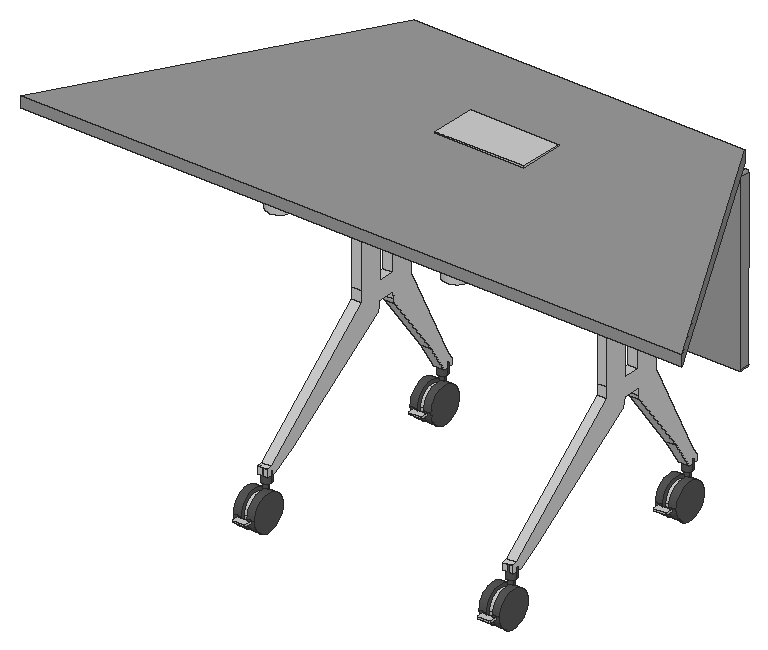
Revit family "Haworth_Planes_TrainingTable_Trapezoid_AP_PRELIMINARY", category Furniture, Revit 2019
Family settings
  OmniClass Number = 23.40.70.14.64.21
  OmniClass Title = Systems Furniture
  Work Plane-Based = No
  Always vertical = Yes
  Cut with Voids When Loaded = No
  Shared = No
  Room Calculation Point = No
Parameters (values of type "1500w x 750d")
  With Screen = yes
  Warranty = "http://www.haworth.com/resources/product-info/warranties"
  URL - Product = "https://www.haworth.com/ap/en/products/conference-tables/planes-0.html"
  Trim Finish = Haworth _ Polymer _ Undecided
  Top Finish [instance] = Haworth _ Laminate _ Undecided _ Tables
  Support Finish [instance] = Haworth _ Paint _ Undecided _ Table
  Screen Width = Actual Width - 800 mm  # 700 mm
  Screen Finish [instance] = Haworth _ Fabric _ Undecided _ Screen
  Model = "WOPLTRZ"  # constant formula
  Leg Height = Actual Height - 25 mm  # 715 mm
  Glides = no
  Flip Top Finish = Haworth _ Paint _ Undecided _ Table
  Flip Top = yes
  Description = "Haworth - Planes - Training Table - Trapezoid"  # constant formula
  URL = "https://www.haworth.com/ap/en.html"
  Size = "Verify Final Dim. w/ Haworth"  # constant formula
  Revision Number = "1"  # constant formula
  Manufacturer = "Haworth"  # constant formula
  Casters = not(Glides)  # yes
  Caster Finish = Haworth _ Polymer _ Black
  Base Width = 1000 mm  # constant formula
  Author = "Haworth (Abd Rahman)"  # constant formula
  Assembly Code = "E2020200"
  Actual Width = 1500 mm  # constant formula
  Actual Height = 740 mm  # constant formula
  Actual Depth = 750 mm  # constant formula
Reference planes
  plane 1 "Center F/B": y = 0
  plane 2: z = 0
  plane 3 "Top": z = 740
  plane 4: x = 0
  plane 5: z = 715
  plane 6: x = -500
  plane 7: x = 500
  plane 8: y = 375
  plane 9: y = -375
  plane 10: y = -325
  plane 11: x = 300
  plane 12: y = 325
  plane 13: x = -300
  plane 14: y = 102.482
  plane 15: x = 200
  plane 16: x = -200
  plane 17: z = 689.941
  plane 18: x = -750
  plane 19: x = 750
Dimensions and locks
  "Actual Height": plane 3 "Top" to level
  "Base Width": plane 6 to plane 7
  equal spacing: plane 6, plane 4, plane 7
  equal spacing: plane 8, plane 1 "Center F/B", plane 9
  "Actual Depth": plane 8 to plane 9
  locked: plane 3 "Top" to plane 5 at 25
  plane 6 to plane 13 = 200 mm
  plane 11 to plane 7 = 200 mm
  locked: plane 10 to plane 9 at 50
  locked: plane 12 to plane 8 at 50
  locked: plane 1 "Center F/B" to plane 14 at 102.482
  plane 15 to plane 7 = 300 mm
  plane 6 to plane 16 = 300 mm
  locked: plane 5 to plane 17 at 25.059
  "Actual Width": plane 18 to plane 19
  aligned and locked: nested 2 to plane 4
  aligned and locked: plane 1 "Center F/B" to nested 2
  aligned and locked: level to nested 4
  aligned and locked: level to nested 3
  aligned and locked: nested 1 to plane 4
  aligned and locked: nested 6 to plane 4
  aligned and locked: nested 4 to plane 11
  aligned and locked: plane 13 to nested 3
  aligned and locked: plane 14 to nested 5
  aligned and locked: nested 7 to plane 15
  aligned and locked: nested 8 to plane 16
  aligned and locked: nested 5 to plane 4
  aligned and locked: plane 8 to nested 1
  aligned and locked: plane 14 to nested 6
  aligned and locked: plane 12 to nested 7
  aligned and locked: nested 8 to plane 12
  aligned and locked: plane 12 to nested 4
  aligned and locked: plane 12 to nested 3
Nested families
  nested 1: "Haworth_Planes_ModestyPanel-PART" at (0, -16, -463.707), Screen Finish <- "Screen Finish", Trim Finish <- "Trim Finish", visible <- "With Screen", type "Modesty Panel"
    with Trim Finish Haworth _ Polymer _ Undecided, Screen Finish Haworth _ Fabric _ Undecided _ Screen, Actual Width 700 mm
  nested 2: "Haworth_Planes_Top_Training_Trapezoid_AP-PART" at (556.859, 72.1, 5), Top Finish <- "Top Finish", type "Training Table - Top"
    with Top Finish Haworth _ Laminate _ Undecided _ Tables, Cascade no
  nested 3: "Haworth_Planes_YLeg_Linear-PART" at (-754, 46.6, 0.293), Support Finish <- "Support Finish", type "Leg"
    with Support Finish Haworth _ Paint _ Undecided _ Table
  nested 4: "Haworth_Planes_YLeg_Linear-PART" at (-200, 46.6, 0.293), Support Finish <- "Support Finish", type "Leg"
    with Support Finish Haworth _ Paint _ Undecided _ Table
  nested 5: "Haworth_Planes_Beam_Understructure-PART" at (0, 131.582, -25.059), Support Finish <- "Support Finish", type "Beam Understructure"
    with Support Finish Haworth _ Paint _ Undecided _ Table, Actual Width 550 mm
  nested 6: "Haworth-Flip Top" at (-14.487, 101.149, -60), visible <- "Flip Top", type "Flip Top - Visio"
    with Actual Width 200 mm, Actual Depth 100 mm
  nested 7: "Haworth_Planes_DeskUnderstructure-PART" at (200, 46.6, 0), Support Finish <- "Support Finish", type "Desk Understructure"
    with Support Finish Haworth _ Paint _ Undecided _ Table
  nested 8: "Haworth_Planes_DeskUnderstructure-PART" at (-200, 46.6, 0) x (-1, 0, 0) z (0, 0, 1), Support Finish <- "Support Finish", type "Desk Understructure"
    with Support Finish Haworth _ Paint _ Undecided _ Table
Definition of nested family "Haworth_Planes_ModestyPanel-PART"
  Parameters (values of type "Modesty Panel")
    Warranty = "http://www.haworth.com/resources/product-info/warranties"
    URL - Product = "\"Haworth - Planes - Modesty Panel\""
    URL = "https://www.haworth.com/eu/en.html"
    Trim Finish [instance] = none
    Thickness = 32 mm  # constant formula
    Size = "Verify Final Dim. w/ Haworth"  # constant formula
    Screen Finish [instance] = none
    Revision Number = ""
    Model = "Haworth - Planes - Modesty Panel"  # constant formula
    Manufacturer = "Haworth"  # constant formula
    Description = "Haworth - Planes - Modesty Panel"  # constant formula
    Author = "Haworth (Abd Rahman)"  # constant formula
    Assembly Code = ""
    Actual Width = 1300 mm
    Actual Height = 400 mm
    Actual Depth = 20 mm  # constant formula
  Reference planes
    plane 1 "Center F/B": y = 381
    plane 2: z = 0
    plane 3 "Center L/R": x = 0
    plane 4 "Table Front": y = 391
    plane 5 "Table Right": x = 650
    plane 6 "Table Left": x = -650
    plane 7 "Table Back": y = 371
    plane 8: z = 745.582
    plane 9: z = 1145.582
    plane 10: x = 400.779
    plane 11: x = -400.779
    plane 12: z = 1178.707
    plane 13: y = 399.573
  Forms (mm)
    Extrusion 1, solid, material <- "Screen Finish"
      sketch origin (0, 391, 0) x (-1, 0, 0) y (0, 0, 1)
        loop
          line (645, 1145.582) -> (-645, 1145.582)
          arc (-645, 1145.582) -> (-648.536, 1144.118) -> (-650, 1140.582) r 5
          line (-650, 1140.582) -> (-650, 750.582)
          arc (-650, 750.582) -> (-648.536, 747.047) -> (-645, 745.582) r 5
          line (-645, 745.582) -> (645, 745.582)
          arc (645, 745.582) -> (648.536, 747.047) -> (650, 750.582) r 5
          line (650, 750.582) -> (650, 1140.582)
          arc (650, 1140.582) -> (648.536, 1144.118) -> (645, 1145.582) r 5
      from -20 to 0
  Lines and regions (mm)
    Masking region 1
      outline origin (0, 0, 0) x (1, 0, 0) y (0, 1, 0)
        loop
          line (-650, 391) -> (-650, 371) -> (650, 371) -> (650, 391) -> (-650, 391)
  Dimensions and locks
    "Actual Depth": plane 7 "Table Back" to plane 4 "Table Front"
    "Actual Width": plane 6 "Table Left" to plane 5 "Table Right"
    equal spacing: plane 6 "Table Left", plane 3 "Center L/R", plane 5 "Table Right"
    equal spacing: plane 4 "Table Front", plane 1 "Center F/B", plane 7 "Table Back"
    "Actual Height": plane 9 to plane 8
    locked: plane 11 to plane 6 "Table Left" at 249.221
    locked: plane 10 to plane 5 "Table Right" at 249.221
    plane 12 to plane 9 = 33.125 mm
    aligned and locked: Extrusion 1 sketch curve to plane 5 "Table Right"
    aligned and locked: plane 8 to Extrusion 1 sketch curve
    aligned and locked: nested 1 to plane 10
    aligned and locked: nested 2 to plane 11
    aligned and locked: plane 4 "Table Front" to Extrusion 1
    aligned and locked: plane 7 "Table Back" to Extrusion 1
    aligned and locked: plane 12 to nested 1
    aligned and locked: plane 12 to nested 2
    aligned and locked: plane 13 to nested 2
    aligned and locked: plane 13 to nested 1
    aligned and locked: plane 6 "Table Left" to Masking region 1 sketch curve
    aligned and locked: Masking region 1 sketch curve to plane 7 "Table Back"
    aligned and locked: plane 5 "Table Right" to Masking region 1 sketch curve
    aligned and locked: Masking region 1 sketch curve to plane 4 "Table Front"
  Automatic sketch dimensions
    plane 5 "Table Right" to Extrusion 1 sketch curve = 5 mm  (x2)
    Extrusion 1 sketch curve to Extrusion 1 sketch curve = 5 mm  (x2)
    Extrusion 1 sketch curve to plane 6 "Table Left" = 0 mm
    Extrusion 1 sketch curve to plane 9 = 0 mm
  Nested families
    nested 1: "Haworth_Planes_ModestyPanel-FixingKit-PART" at (11.175, 2353.951, 465.107), Trim Finish <- "Trim Finish", type "Fixing Kit"
      with Trim Finish none
    nested 2: "Haworth_Planes_ModestyPanel-FixingKit-PART" at (-790.384, 2353.951, 465.107), Trim Finish <- "Trim Finish", type "Fixing Kit"
      with Trim Finish none
  Definition of nested family "Haworth_Planes_ModestyPanel-FixingKit-PART"
    Parameters (values of type "Fixing Kit")
      Warranty = "http://www.haworth.com/resources/product-info/warranties"
      URL - Product = "https://www.haworth.com/eu/en/products/conference-tables/planes-0.html"
      URL = "https://www.haworth.com/eu/en.html"
      Trim Finish [instance] = none
      Size = "Verify Final Dim. w/ Haworth"  # constant formula
      Revision Number = ""
      Model = "Haworth - Planes - Modesty Panel"  # constant formula
      Manufacturer = "Haworth"  # constant formula
      Description = "Haworth - Planes - Modesty Panel"  # constant formula
      Author = "Haworth (Abd Rahman)"  # constant formula
      Assembly Code = ""
      Actual Width = 60 mm  # constant formula
      Actual Height = 400 mm
      Actual Depth = 80 mm  # constant formula
    Reference planes
      plane 1: z = 0
      plane 2: x = 419.604
      plane 3: x = 359.604
      plane 4: y = -2045.451
      plane 5: y = -1965.451
      plane 6: x = 389.604
      plane 7: y = -2005.451
      plane 8: z = 713.6
      plane 9: z = 646.069
    Forms (mm)
      Extrusion 1, solid, material <- "Trim Finish"
        sketch origin (0, 0, 0) x (1, 0, 0) y (0, 1, 0)
          loop
            line (359.604, -1966.95) -> (359.604, -2043.951) -> (361.104, -2045.451) -> (418.104, -2045.451) -> (419.604, -2043.951) -> (419.604, -1966.95) -> (418.104, -1965.451) -> (400.162, -1965.451) -> (400.162, -1990.429) -> (379.046, -1990.429) -> (379.046, -1965.451) -> (361.104, -1965.451) -> (359.604, -1966.95)
        from 694.159 to 713.6
      Extrusion 2, solid, material <- "Trim Finish"
        sketch origin (0, 0, 0) x (1, 0, 0) y (0, 1, 0)
          loop
            line (382.136, -1955.878) -> (382.136, -1990.429) -> (397.072, -1990.429) -> (397.072, -1955.878) -> (395.572, -1954.378) -> (383.637, -1954.378) -> (382.136, -1955.878)
        from 703.859 to 710.25
      Extrusion 3, solid, material <- "Trim Finish"
        sketch origin (700, 0, 0) x (0, -1, 0) y (0, 0, 1)
          loop
            line (2038.451, 694.159) -> (1970.296, 694.159) -> (1970.296, 683.014)
            arc (1970.296, 683.014) -> (1971.43, 680.646) -> (1973.987, 680.046) r 3.039
            line (1973.987, 680.046) -> (2038.451, 694.159)
        from 283.261 to 337.338
      Extrusion 4, solid, material <- "Trim Finish"
        sketch origin (700, 0, 0) x (0, -1, 0) y (0, 0, 1)
          loop
            arc (1989.867, 673.842) -> (1986.219, 683.857) -> (1977.537, 690.041) r 17.962
            arc (1977.537, 690.041) -> (1969.985, 689.966) -> (1965.918, 683.601) r 7.933
            line (1965.918, 683.601) -> (1965.918, 678.966) -> (1970.296, 678.966) -> (1970.296, 683.343) -> (1976.219, 683.343) -> (1976.219, 678.966) -> (1981.884, 678.966) -> (1981.884, 646.069) -> (1989.867, 646.069) -> (1989.867, 673.842)
        from 280.3 to 340.299
      Extrusion 5, void
        sketch origin (0, 397, 0) x (-1, 0, 0) y (0, 0, 1)
          loop
            line (-413.2, 690.94) -> (-413.2, 669.953) -> (-416.701, 669.953)
            arc (-416.701, 669.953) -> (-418.822, 669.074) -> (-419.7, 666.953) r 3
            line (-419.7, 666.953) -> (-419.7, 649.069)
            arc (-419.7, 649.069) -> (-418.822, 646.947) -> (-416.7, 646.069) r 3
            line (-416.7, 646.069) -> (-362.443, 646.069)
            arc (-362.443, 646.069) -> (-360.322, 646.947) -> (-359.443, 649.069) r 3
            line (-359.443, 649.069) -> (-359.443, 666.982)
            arc (-359.443, 666.982) -> (-360.313, 669.083) -> (-362.413, 669.953) r 2.97
            line (-362.413, 669.953) -> (-365.943, 669.953) -> (-365.943, 690.94) -> (-378.572, 690.94) -> (-378.572, 669.953) -> (-400.572, 669.953) -> (-400.572, 690.94) -> (-413.2, 690.94)
          loop
            line (-354.992, 695.369) -> (-426.878, 695.369) -> (-426.878, 640.369) -> (-354.992, 640.369) -> (-354.992, 695.369)
        from -2414.06 to -2318.616
      Extrusion 6, solid, material <- "Trim Finish"
        sketch origin (0, 0, 0) x (1, 0, 0) y (0, 1, 0)
          loop
            line (400.162, -1990.429) -> (400.162, -1965.451) -> (379.046, -1965.451) -> (379.046, -1990.429) -> (400.162, -1990.429)
        from 694.159 to 707.6
    Cuts and joins
      Extrusion 5 cuts Extrusion 4
      joined: Extrusion 1, Extrusion 2, Extrusion 3, Extrusion 4, Extrusion 6
    Lines and regions (mm)
      Masking region 1
        outline origin (0, 0, 0) x (1, 0, 0) y (0, 1, 0)
          loop
            line (359.604, -1966.95) -> (359.604, -2043.951) -> (361.104, -2045.451) -> (418.104, -2045.451) -> (419.604, -2043.951) -> (419.604, -1966.95) -> (418.104, -1965.451) -> (400.162, -1965.451) -> (400.162, -1990.429) -> (397.072, -1990.429) -> (397.072, -1955.878) -> (395.572, -1954.378) -> (383.637, -1954.378) -> (382.136, -1955.878) -> (382.136, -1990.429) -> (379.046, -1990.429) -> (379.046, -1965.451) -> (361.104, -1965.451) -> (359.604, -1966.95)
    Dimensions and locks
      equal spacing: plane 3, plane 6, plane 2
      "Actual Width": plane 3 to plane 2
      "Actual Depth": plane 4 to plane 5
      equal spacing: plane 4, plane 7, plane 5
    Automatic sketch dimensions
      Extrusion 1 sketch curve to plane 3 = 0 mm
      plane 4 to Extrusion 1 sketch curve = 0 mm
      plane 5 to Extrusion 1 sketch curve = 0 mm  (x2)
      Extrusion 1 sketch curve to plane 2 = 0 mm
      Extrusion 1 sketch curve to plane 3 = 1.5 mm  (x2)
      Extrusion 1 sketch curve to plane 6 = 10.558 mm
      plane 6 to Extrusion 1 sketch curve = 10.558 mm
      plane 2 to Extrusion 1 sketch curve = 1.5 mm  (x2)
      Extrusion 1 sketch curve to plane 4 = 1.5 mm  (x2)
      plane 5 to Extrusion 1 sketch curve = 1.5 mm  (x2)
      Extrusion 2 sketch curve to plane 6 = 7.468 mm
      Extrusion 2 sketch curve to Extrusion 2 sketch curve = 1.5 mm  (x3)
      plane 6 to Extrusion 2 sketch curve = 5.968 mm
      Extrusion 2 sketch curve to plane 5 = 9.573 mm  (x2)
      plane 5 to Extrusion 3 sketch curve = 4.845 mm
      Extrusion 3 sketch curve to Extrusion 3 sketch curve = 3.039 mm
      Extrusion 3 sketch curve to Extrusion 3 sketch curve = 0.652 mm
      Extrusion 3 sketch curve to plane 4 = 7 mm
      Extrusion 3 sketch curve to Extrusion 3 sketch curve = 11.145 mm
      plane 5 to Extrusion 4 sketch curve = 0.468 mm
      Extrusion 4 sketch curve to Extrusion 4 sketch curve = 4.378 mm
      Extrusion 4 sketch curve to Extrusion 4 sketch curve = 1.629 mm
      Extrusion 4 sketch curve to Extrusion 4 sketch curve = 3.535 mm
      Extrusion 4 sketch curve to Extrusion 4 sketch curve = 2.388 mm
      plane 5 to Extrusion 4 sketch curve = 16.433 mm
      Extrusion 4 sketch curve to Extrusion 4 sketch curve = 7.983 mm
      Extrusion 4 sketch curve to Extrusion 4 sketch curve = 26.91 mm
      Extrusion 4 sketch curve to Extrusion 4 sketch curve = 0.864 mm
      Extrusion 4 sketch curve to Extrusion 4 sketch curve = 5.987 mm  (x2)
      Extrusion 4 sketch curve to Extrusion 4 sketch curve = 4.062 mm
      Extrusion 4 sketch curve to Extrusion 4 sketch curve = 0.316 mm
      Extrusion 4 sketch curve to Extrusion 4 sketch curve = 0.258 mm
      Extrusion 5 sketch curve to plane 2 = 7.274 mm
      Extrusion 5 sketch curve to plane 2 = 0.096 mm
      plane 2 to Extrusion 5 sketch curve = 2.904 mm  (x2)
      Extrusion 5 sketch curve to Extrusion 5 sketch curve = 3.5 mm
      plane 6 to Extrusion 5 sketch curve = 10.967 mm
      Extrusion 5 sketch curve to plane 6 = 11.033 mm
      Extrusion 5 sketch curve to plane 3 = 6.339 mm
      Extrusion 5 sketch curve to plane 3 = 2.839 mm
      Extrusion 5 sketch curve to plane 3 = 2.809 mm
      plane 3 to Extrusion 5 sketch curve = 0.161 mm
      plane 3 to Extrusion 5 sketch curve = 4.613 mm
      Extrusion 5 sketch curve to Extrusion 5 sketch curve = 5.7 mm
      Extrusion 5 sketch curve to Extrusion 5 sketch curve = 17.884 mm
      Extrusion 5 sketch curve to Extrusion 5 sketch curve = 17.914 mm
      Extrusion 5 sketch curve to Extrusion 5 sketch curve = 0 mm
      Extrusion 5 sketch curve to Extrusion 5 sketch curve = 20.987 mm  (x2)
      Extrusion 5 sketch curve to Extrusion 5 sketch curve = 4.429 mm
      plane 5 to Extrusion 6 sketch curve = 0 mm
      Extrusion 6 sketch curve to plane 6 = 10.558 mm
      plane 6 to Extrusion 6 sketch curve = 10.558 mm
      Extrusion 1 sketch curve to Extrusion 1 sketch curve = 24.978 mm
      plane 5 to Extrusion 2 sketch curve = 24.978 mm
      plane 5 to Extrusion 6 sketch curve = 24.978 mm
      level to Extrusion 3 sketch curve = 680.046 mm
      level to Extrusion 4 sketch curve = 646.069 mm
      level to Extrusion 5 sketch curve = 640.369 mm
      Masking region 1 sketch curve to plane 3 = 0 mm
      plane 4 to Masking region 1 sketch curve = 0 mm
      plane 5 to Masking region 1 sketch curve = 0 mm  (x2)
      Masking region 1 sketch curve to plane 2 = 0 mm
      Masking region 1 sketch curve to plane 3 = 1.5 mm  (x2)
      Masking region 1 sketch curve to plane 6 = 10.558 mm
      plane 6 to Masking region 1 sketch curve = 10.558 mm
      plane 2 to Masking region 1 sketch curve = 1.5 mm  (x2)
      Masking region 1 sketch curve to plane 4 = 1.5 mm  (x2)
      plane 7 to Masking region 1 sketch curve = 15.022 mm  (x2)
      plane 5 to Masking region 1 sketch curve = 1.5 mm  (x2)
      Masking region 1 sketch curve to Masking region 1 sketch curve = 3.09 mm  (x2)
      Masking region 1 sketch curve to plane 5 = 9.573 mm
      Masking region 1 sketch curve to Masking region 1 sketch curve = 1.5 mm  (x3)
      plane 6 to Masking region 1 sketch curve = 5.968 mm
Definition of nested family "Haworth_Planes_Top_Training_Trapezoid_AP-PART"
  Parameters (values of type "Training Table - Top")
    Warranty = "http://www.haworth.com/resources/product-info/warranties"
    URL - Product = ""
    URL = ""
    Top Finish [instance] = none
    Thickness = 25 mm
    Squared Corners = yes
    Size = "Verify Final Dim. w/ Haworth"  # constant formula
    Revision Number = "1"  # constant formula
    Model = ""
    Manufacturer = "Haworth"  # constant formula
    Description = ""
    Cascade = yes
    Author = "Haworth (Abd Rahman)"  # constant formula
    Assembly Code = "E2020200"
    Actual Width = 1500 mm
    Actual Mounting Height = 450 mm
    Actual Depth = 750 mm
  Reference planes
    plane 1: z = -5
    plane 2: x = -1306.859
    plane 3: x = 193.141
    plane 4: x = -556.859
    plane 5: y = 302.9
    plane 6: y = -447.1
    plane 7: y = -72.1
    plane 8: z = 735
    plane 9: z = 710
    plane 10: z = 725.685
  Forms (mm)
    Extrusion 1, solid, material <- "Top Finish", visible <- "Squared Corners"
      sketch origin (0, 0, -5) x (1, 0, 0) y (0, 1, 0)
        loop
          line (181.242, -370.85) -> (-191.449, 274.669) -> (-940.294, 274.669) -> (-1312.984, -370.85) -> (181.242, -370.85)
      from 715 to 740
    Blend 2, solid, material <- "Top Finish", visible <- "Cascade"
      base sketch origin (0, 0, -5) x (1, 0, 0) y (0, 1, 0)
        loop
          line (-198.954, 261.669) -> (-932.788, 261.669) -> (-1290.468, -357.85) -> (158.725, -357.85) -> (-198.954, 261.669)
      top sketch origin (0, 0, -5) x (1, 0, 0) y (0, 1, 0)
        loop
          line (181.242, -370.85) -> (-191.449, 274.669) -> (-940.294, 274.669) -> (-1312.984, -370.85) -> (181.242, -370.85)
      from 715 to 730.685
    Extrusion 3, solid, material <- "Top Finish", visible <- "Cascade"
      sketch origin (0, 0, -5) x (1, 0, 0) y (0, 1, 0)
        loop
          line (181.242, -370.85) -> (-191.449, 274.669) -> (-940.294, 274.669) -> (-1312.984, -370.85) -> (181.242, -370.85)
      from 730.685 to 740
  Cuts and joins
    joined: Blend 2, Extrusion 3
  Lines and regions (mm)
    Masking region 1
      outline origin (0, 0, -5) x (1, 0, 0) y (0, 1, 0)
        loop
          line (-191.449, 274.669) -> (-940.294, 274.669) -> (-1312.984, -370.85) -> (181.242, -370.85) -> (-191.449, 274.669)
  Dimensions and locks
    equal spacing: plane 2, plane 4, plane 3
    equal spacing: plane 6, plane 7, plane 5
    "Actual Width": plane 2 to plane 3
    "Actual Depth": plane 6 to plane 5
    plane 8 to plane 10 to plane 9 = 9.315 mm locked, 15.685 mm locked
    aligned and locked: level to plane 1
    aligned and locked: plane 8 to Extrusion 1
    aligned and locked: Extrusion 1 to plane 9
    aligned and locked: Blend 2 to plane 9
    aligned and locked: plane 10 to Blend 2
    aligned and locked: plane 8 to Extrusion 3
    aligned and locked: Extrusion 3 to plane 10
  Automatic sketch dimensions
    plane 5 to Masking region 1 sketch curve = 28.231 mm
    plane 4 to Masking region 1 sketch curve = 365.411 mm
    Masking region 1 sketch curve to plane 2 = 366.565 mm
    plane 3 to Masking region 1 sketch curve = 11.899 mm
    Masking region 1 sketch curve to plane 6 = 76.25 mm
    plane 2 to Masking region 1 sketch curve = 6.125 mm
    plane 2 to Extrusion 3 sketch curve = 6.125 mm
    plane 5 to Extrusion 3 sketch curve = 28.231 mm
    Extrusion 3 sketch curve to plane 2 = 366.565 mm
    plane 4 to Extrusion 3 sketch curve = 365.411 mm
    plane 3 to Extrusion 3 sketch curve = 11.899 mm
    Extrusion 3 sketch curve to plane 6 = 76.25 mm
    plane 2 to Extrusion 1 sketch curve = 6.125 mm
    plane 5 to Extrusion 1 sketch curve = 28.231 mm
    Extrusion 1 sketch curve to plane 2 = 366.565 mm
    plane 4 to Extrusion 1 sketch curve = 365.411 mm
    plane 3 to Extrusion 1 sketch curve = 11.899 mm
    Extrusion 1 sketch curve to plane 6 = 76.25 mm
    plane 2 to Blend 2 sketch curve = 6.125 mm
    plane 5 to Blend 2 sketch curve = 28.231 mm
    Blend 2 sketch curve to plane 2 = 366.565 mm
    plane 4 to Blend 2 sketch curve = 365.411 mm
    plane 3 to Blend 2 sketch curve = 11.899 mm
    Blend 2 sketch curve to plane 6 = 76.25 mm
    Blend 2 sketch curve to plane 2 = 16.391 mm
    plane 5 to Blend 2 sketch curve = 41.231 mm
    Blend 2 sketch curve to plane 2 = 374.071 mm
    plane 4 to Blend 2 sketch curve = 357.905 mm
    plane 3 to Blend 2 sketch curve = 34.415 mm
    Blend 2 sketch curve to plane 6 = 89.25 mm
Definition of nested family "Haworth_Planes_YLeg_Linear-PART"
  Parameters (values of type "Leg")
    Support Finish [instance] = none
    Leg Height = 715 mm
    Glides = no
    Casters = yes
    Caster Finish = none
    Assembly Code = ""
    Actual Width = 46 mm  # constant formula
    Actual Depth = 615 mm  # constant formula
  Reference planes
    plane 1 "Center (Front/Back)": y = -29.1
    plane 2: z = 0
    plane 3: x = 0
    plane 4 "Bottom of Top": z = 715
    plane 5: x = 500
    plane 6: y = -336.6
    plane 7: y = 278.4
    plane 8: x = 454
    plane 9: x = 478.436
    plane 10: y = 73.381
  Forms (mm)
    Extrusion 1, solid, material <- "Support Finish"
      sketch origin (0, 0, 0) x (0, 1, 0) y (0, 0, 1)
        loop
          line (141.775, 362.671) -> (141.775, 711.5) -> (138.276, 715) -> (95.4, 715) -> (91.901, 711.5) -> (91.901, 710) -> (91.902, 362.671) -> (54.861, 362.671) -> (54.862, 711.5) -> (51.363, 715) -> (4.987, 715) -> (4.987, 362.671) -> (4.987, 339.141) -> (-250.67, 120.532) -> (-261.964, 117.447) -> (-261.964, 102.565) -> (-240.287, 102.565) -> (-193.351, 131.527) -> (45.922, 298.707)
          arc (45.922, 298.707) -> (51.055, 304.416) -> (53.083, 311.821) r 16.665
          line (53.083, 311.821) -> (53.463, 322.671) -> (93.069, 322.671) -> (93.517, 307.315)
          arc (93.517, 307.315) -> (94.461, 302.191) -> (96.907, 297.591) r 17.074
          line (96.907, 297.591) -> (198.363, 160.527) -> (235.55, 102.565) -> (257.964, 102.565) -> (257.964, 117.447) -> (245.98, 132.282) -> (141.775, 339.141) -> (141.775, 362.671)
      from 467.621 to 489.832
    Extrusion 2, solid, material <- "Caster Finish"
      sketch origin (0, -0.312, 0) x (1, 0, 0) y (0, 1, 0)
        loop
          circle (477.789, -250.983) r 5.7
      from 61.935 to 87.325
    Extrusion 3, solid, material <- "Caster Finish"
      sketch origin (1.094, 0, 0) x (1, 0, 0) y (0, 1, 0)
        loop
          circle (477.656, -250.983) r 10.981
      from 87.325 to 117.447
    Extrusion 4, solid, material <- "Caster Finish"
      sketch origin (0, 497.653, 0) x (1, 0, 0) y (0, 1, 0)
        loop
          circle (477.789, -250.983) r 5.7
      from 61.935 to 87.325
    Extrusion 5, solid, material <- "Caster Finish"
      sketch origin (1.094, 497.966, 0) x (1, 0, 0) y (0, 1, 0)
        loop
          circle (477.656, -250.983) r 10.981
      from 87.325 to 117.447
    Extrusion 6, solid, material <- "Support Finish", visible <- "Casters"
      sketch origin (0, 0, -8.138) x (1, 0, 0) y (0, 1, 0)
        loop
          line (462.556, -326.656) -> (464.055, -328.156) -> (489.728, -328.156) -> (491.228, -326.656) -> (491.228, -311.934) -> (462.556, -311.934) -> (462.556, -326.656)
      from 40.081 to 44.029
    Extrusion 7, solid, material <- "Caster Finish", visible <- "Casters"
      sketch origin (-201.113, 0, -0.488) x (0, 1, 0) y (0, 0, 1)
        loop
          circle (-272.817, 40.081) r 39.593
      from 685.428 to 702.475
    Extrusion 8, solid, material <- "Support Finish", visible <- "Casters"
      sketch origin (-201.113, 0, -0.488) x (0, 1, 0) y (0, 0, 1)
        loop
          circle (-272.817, 40.081) r 33.398
      from 671.711 to 689.832
    Extrusion 9, solid, material <- "Support Finish", visible <- "Casters"
      sketch origin (0, 497.966, -8.138) x (1, 0, 0) y (0, 1, 0)
        loop
          line (462.556, -326.656) -> (464.055, -328.156) -> (489.728, -328.156) -> (491.228, -326.656) -> (491.228, -311.934) -> (462.556, -311.934) -> (462.556, -326.656)
      from 40.081 to 44.029
    Extrusion 10, solid, material <- "Caster Finish", visible <- "Casters"
      sketch origin (-201.113, 497.966, -0.488) x (0, 1, 0) y (0, 0, 1)
        loop
          circle (-272.817, 40.081) r 39.593
      from 685.428 to 702.475
    Extrusion 11, solid, material <- "Caster Finish", visible <- "Casters"
      sketch origin (-231.113, 497.966, -0.488) x (0, 1, 0) y (0, 0, 1)
        loop
          circle (-272.817, 40.081) r 39.593
      from 685.428 to 702.475
    Extrusion 12, solid, material <- "Support Finish", visible <- "Casters"
      sketch origin (-201.113, 497.966, -0.488) x (0, 1, 0) y (0, 0, 1)
        loop
          circle (-272.817, 40.081) r 33.398
      from 671.711 to 689.832
    Revolve 13, solid, material <- "Caster Finish", visible <- "Glides"
      sketch origin (478.75, 0, 0) x (0, 1, 0) y (0, 0, 1)
        loop
          line (246.829, 114.52) -> (235.716, 114.52) -> (235.716, 4.47) -> (221.429, 4.47) -> (221.429, -0.293) -> (246.829, -0.293) -> (246.829, 114.52)
        axis (246.829, 114.52) -> (246.829, -0.293)
      angle from 0 to 360
    Revolve 14, solid, material <- "Caster Finish", visible <- "Glides"
      sketch origin (478.75, -4.138, 0) x (0, -1, 0) y (0, 0, 1)
        loop
          line (246.829, 114.52) -> (235.716, 114.52) -> (235.716, 4.47) -> (221.429, 4.47) -> (221.429, -0.293) -> (246.829, -0.293) -> (246.829, 114.52)
        axis (246.829, 114.52) -> (246.829, -0.293)
      angle from 0 to 360
    Extrusion 15, solid, material <- "Caster Finish", visible <- "Casters"
      sketch origin (1156.737, 0, -0.488) x (0, 1, 0) y (0, 0, -1)
        loop
          circle (-272.817, -40.081) r 39.593
      from 685.428 to 702.475
  Cuts and joins
    joined: Extrusion 2, Extrusion 3, Extrusion 4, Extrusion 5
  Lines and regions (mm)
    Masking region 1
      outline origin (0, 0, 0) x (1, 0, 0) y (0, 1, 0)
        loop
          line (454, 278.4) -> (454, -336.6) -> (500, -336.6) -> (500, 278.4) -> (454, 278.4)
  Dimensions and locks
    "Leg Height": plane 4 "Bottom of Top" to level
    equal spacing: plane 6, plane 1 "Center (Front/Back)", plane 7
    "Actual Depth": plane 6 to plane 7
    "Actual Width": plane 8 to plane 5
    plane 8 to plane 9 to plane 5 = 24.436 mm, 21.564 mm
    locked: plane 1 "Center (Front/Back)" to plane 10 at 102.482
    aligned and locked: Masking region 1 sketch curve to plane 5
    aligned and locked: plane 7 to Masking region 1 sketch curve
    aligned and locked: plane 8 to Masking region 1 sketch curve
    aligned and locked: Masking region 1 sketch curve to plane 6
    aligned and locked: plane 4 "Bottom of Top" to Extrusion 1  (x2)
    aligned and locked: Extrusion 1 sketch curve to plane 4 "Bottom of Top"  (x2)
  Automatic sketch dimensions
    Extrusion 1 sketch curve to plane 6 = 74.636 mm
    Extrusion 1 sketch curve to Extrusion 1 sketch curve = 11.294 mm
    Extrusion 1 sketch curve to Extrusion 1 sketch curve = 10.383 mm
    Extrusion 1 sketch curve to Extrusion 1 sketch curve = 46.937 mm
    Extrusion 1 sketch curve to plane 1 "Center (Front/Back)" = 34.088 mm
    Extrusion 1 sketch curve to Extrusion 1 sketch curve = 31.441 mm
    Extrusion 1 sketch curve to Extrusion 1 sketch curve = 9.494 mm
    Extrusion 1 sketch curve to Extrusion 1 sketch curve = 46.375 mm
    Extrusion 1 sketch curve to Extrusion 1 sketch curve = 7.161 mm
    Extrusion 1 sketch curve to Extrusion 1 sketch curve = 0.379 mm
    Extrusion 1 sketch curve to Extrusion 1 sketch curve = 1.399 mm
    Extrusion 1 sketch curve to plane 4 "Bottom of Top" = 3.5 mm  (x3)
    Extrusion 1 sketch curve to Extrusion 1 sketch curve = 3.5 mm  (x2)
    Extrusion 1 sketch curve to Extrusion 1 sketch curve = 37.038 mm
    Extrusion 1 sketch curve to Extrusion 1 sketch curve = 37.041 mm
    Extrusion 1 sketch curve to Extrusion 1 sketch curve = 39.606 mm
    Extrusion 1 sketch curve to Extrusion 1 sketch curve = 0.448 mm
    Extrusion 1 sketch curve to Extrusion 1 sketch curve = 3.391 mm
    Extrusion 1 sketch curve to Extrusion 1 sketch curve = 13.676 mm
    Extrusion 1 sketch curve to Extrusion 1 sketch curve = 42.876 mm
    Extrusion 1 sketch curve to Extrusion 1 sketch curve = 49.874 mm
    plane 7 to Extrusion 1 sketch curve = 80.037 mm
    plane 7 to Extrusion 1 sketch curve = 42.85 mm
    Extrusion 1 sketch curve to Extrusion 1 sketch curve = 10.43 mm
    plane 7 to Extrusion 1 sketch curve = 20.435 mm
    Extrusion 1 sketch curve to Extrusion 1 sketch curve = 0 mm  (x4)
    Extrusion 1 sketch curve to Extrusion 1 sketch curve = 23.53 mm  (x2)
    Extrusion 1 sketch curve to Extrusion 1 sketch curve = 40 mm
    Extrusion 1 sketch curve to Extrusion 1 sketch curve = 10.268 mm
    Extrusion 1 sketch curve to Extrusion 1 sketch curve = 10.85 mm
    Extrusion 1 sketch curve to Extrusion 1 sketch curve = 14.858 mm
    Extrusion 1 sketch curve to Extrusion 1 sketch curve = 15.356 mm
    level to Extrusion 1 sketch curve = 160.527 mm
    Extrusion 1 sketch curve to Extrusion 1 sketch curve = 28.244 mm
    level to Extrusion 1 sketch curve = 131.527 mm
    Extrusion 1 sketch curve to Extrusion 1 sketch curve = 10.995 mm
    Extrusion 1 sketch curve to Extrusion 1 sketch curve = 3.085 mm
    Extrusion 1 sketch curve to Extrusion 1 sketch curve = 14.836 mm
    Extrusion 1 sketch curve to Extrusion 1 sketch curve = 17.967 mm
    Extrusion 1 sketch curve to Extrusion 1 sketch curve = 14.882 mm
    Extrusion 1 sketch curve to plane 4 "Bottom of Top" = 5 mm
    Extrusion 2 sketch curve to plane 5 = 22.211 mm
    Extrusion 2 sketch curve to plane 6 = 85.305 mm
    Extrusion 3 sketch curve to plane 5 = 21.25 mm
    Extrusion 3 sketch curve to plane 6 = 85.618 mm
    Extrusion 4 sketch curve to plane 5 = 22.211 mm
    plane 7 to Extrusion 4 sketch curve = 31.729 mm
    Extrusion 5 sketch curve to plane 5 = 21.25 mm
    plane 7 to Extrusion 5 sketch curve = 31.417 mm
    Extrusion 6 sketch curve to plane 5 = 37.444 mm
    Extrusion 6 sketch curve to Extrusion 6 sketch curve = 1.5 mm  (x4)
    Extrusion 6 sketch curve to plane 5 = 10.272 mm
    Extrusion 6 sketch curve to plane 6 = 8.444 mm
    Extrusion 6 sketch curve to Extrusion 6 sketch curve = 14.722 mm
    Extrusion 7 sketch curve to plane 6 = 63.784 mm
    level to Extrusion 7 sketch curve = 39.593 mm
    Extrusion 8 sketch curve to plane 6 = 63.784 mm
    level to Extrusion 8 sketch curve = 39.593 mm
    Extrusion 9 sketch curve to plane 5 = 37.444 mm
    Extrusion 9 sketch curve to Extrusion 9 sketch curve = 1.5 mm  (x4)
    Extrusion 9 sketch curve to plane 5 = 10.272 mm
    plane 7 to Extrusion 9 sketch curve = 108.59 mm
    Extrusion 9 sketch curve to Extrusion 9 sketch curve = 14.722 mm
    plane 7 to Extrusion 10 sketch curve = 53.25 mm
    level to Extrusion 10 sketch curve = 39.593 mm
    plane 7 to Extrusion 11 sketch curve = 53.25 mm
    level to Extrusion 11 sketch curve = 39.593 mm
    plane 7 to Extrusion 12 sketch curve = 53.25 mm
    level to Extrusion 12 sketch curve = 39.593 mm
    Revolve 13 sketch curve to level = 0 mm
    level to Revolve 13 sketch curve = 4.47 mm
    plane 7 to Revolve 13 sketch curve = 56.971 mm
    plane 7 to Revolve 13 sketch curve = 42.684 mm
    Revolve 13 sketch curve to Revolve 13 sketch curve = 11.113 mm
    Revolve 13 sketch curve to level = 0.293 mm
    Revolve 13 sketch curve to Revolve 13 sketch curve = 110.05 mm
    Revolve 13 sketch curve to Revolve 13 sketch curve = 0 mm
    Revolve 13 sketch curve to Revolve 13 sketch curve = 0.22 mm
    Revolve 14 sketch curve to level = 0 mm
    Revolve 14 sketch curve to level = 4.47 mm
    plane 6 to Revolve 14 sketch curve = 111.034 mm
    plane 6 to Revolve 14 sketch curve = 96.746 mm
    Revolve 14 sketch curve to Revolve 14 sketch curve = 11.113 mm
    level to Revolve 14 sketch curve = 0.293 mm
    Revolve 14 sketch curve to Revolve 14 sketch curve = 110.05 mm
    Revolve 14 sketch curve to Revolve 14 sketch curve = 0 mm
    Revolve 14 sketch curve to Revolve 14 sketch curve = 0.22 mm
    Extrusion 15 sketch curve to plane 6 = 63.784 mm
    level to Extrusion 15 sketch curve = 39.593 mm
    Extrusion 1 sketch curve to Extrusion 1 sketch curve = 137.064 mm
    radius of Extrusion 2 sketch curve = 5.7 mm
    radius of Extrusion 3 sketch curve = 10.981 mm
    radius of Extrusion 4 sketch curve = 5.7 mm
    radius of Extrusion 5 sketch curve = 10.981 mm
    radius of Extrusion 7 sketch curve = 39.593 mm
    radius of Extrusion 8 sketch curve = 33.398 mm
    radius of Extrusion 10 sketch curve = 39.593 mm
    radius of Extrusion 11 sketch curve = 39.593 mm
    radius of Extrusion 12 sketch curve = 33.398 mm
    radius of Extrusion 15 sketch curve = 39.593 mm
Definition of nested family "Haworth_Planes_Beam_Understructure-PART"
  Parameters (values of type "Beam Understructure")
    Support Finish [instance] = none
    Assembly Code = ""
    Actual Width = 1400 mm
    Actual Depth = 133 mm  # constant formula
  Reference planes
    plane 1 "Center (Front/Back)": y = -29.1
    plane 2: z = 0
    plane 3 "Center (Left/Right)": x = 0
    plane 4: z = 715
    plane 5: x = -700
    plane 6: x = 700
    plane 7: z = 635
    plane 8: y = 37.4
    plane 9: y = -95.6
  Forms (mm)
    Extrusion 1, solid, material <- "Support Finish"
      sketch origin (0, -102.4, 16.467) x (0, 1, 0) y (0, 0, 1)
        loop
          arc (110.838, 646.415) -> (111.458, 647.913) -> (112.956, 648.533) r 2.118
          line (112.956, 648.533) -> (131.591, 648.533)
          arc (131.591, 648.533) -> (137.423, 650.949) -> (139.838, 656.78) r 8.247
          line (139.838, 656.78) -> (139.838, 689.631)
          arc (139.838, 689.631) -> (137.231, 695.926) -> (130.936, 698.533) r 8.902
          line (130.936, 698.533) -> (121.938, 698.533)
          arc (121.938, 698.533) -> (120.453, 697.918) -> (119.838, 696.433) r 2.1
          line (119.838, 696.433) -> (119.838, 652.533) -> (118.839, 651.533) -> (112.838, 651.533)
          arc (112.838, 651.533) -> (109.302, 650.069) -> (107.838, 646.533) r 5
          line (107.838, 646.533) -> (107.838, 623.698)
          arc (107.838, 623.698) -> (107.204, 622.167) -> (105.674, 621.533) r 2.164
          line (105.674, 621.533) -> (40.925, 621.533)
          arc (40.925, 621.533) -> (39.449, 622.145) -> (38.838, 623.621) r 2.088
          line (38.838, 623.621) -> (38.838, 646.533)
          arc (38.838, 646.533) -> (37.373, 650.069) -> (33.838, 651.533) r 5
          line (33.838, 651.533) -> (27.838, 651.533) -> (26.838, 652.533) -> (26.838, 696.483)
          arc (26.838, 696.483) -> (26.238, 697.933) -> (24.789, 698.533) r 2.05
          line (24.789, 698.533) -> (15.348, 698.533)
          arc (15.348, 698.533) -> (9.331, 696.041) -> (6.838, 690.024) r 8.509
          line (6.838, 690.024) -> (6.838, 656.933)
          arc (6.838, 656.933) -> (9.299, 650.993) -> (15.239, 648.533) r 8.4
          line (15.239, 648.533) -> (33.79, 648.533)
          arc (33.79, 648.533) -> (35.238, 647.933) -> (35.838, 646.485) r 2.048
          line (35.838, 646.485) -> (35.838, 623.876)
          arc (35.838, 623.876) -> (37.403, 620.098) -> (41.18, 618.533) r 5.343
          line (41.18, 618.533) -> (105.838, 618.533)
          arc (105.838, 618.533) -> (109.373, 619.997) -> (110.838, 623.533) r 5
          line (110.838, 623.533) -> (110.838, 646.415)
      from -700 to 700
  Lines and regions (mm)
    Masking region 1
      outline origin (0, 0, 0) x (1, 0, 0) y (0, 1, 0)
        loop
          line (-700, 37.4) -> (-700, -95.6) -> (700, -95.6) -> (700, 37.4) -> (-700, 37.4)
  Dimensions and locks
    "Actual Width": plane 5 to plane 6
    equal spacing: plane 5, plane 3 "Center (Left/Right)", plane 6
    plane 7 to plane 4 = 80 mm
    equal spacing: plane 8, plane 1 "Center (Front/Back)", plane 9
    "Actual Depth": plane 8 to plane 9
    locked: plane 4 to plane 7 at 80
    aligned and locked: Extrusion 1 to plane 5
    aligned and locked: plane 6 to Extrusion 1
    aligned and locked: plane 9 to Masking region 1 sketch curve
    aligned and locked: Masking region 1 sketch curve to plane 8
    aligned and locked: Masking region 1 sketch curve to plane 6
    aligned and locked: plane 5 to Masking region 1 sketch curve
  Automatic sketch dimensions
    plane 1 "Center (Front/Back)" to Extrusion 1 sketch curve = 66.461 mm
    Extrusion 1 sketch curve to Extrusion 1 sketch curve = 8.4 mm
    Extrusion 1 sketch curve to Extrusion 1 sketch curve = 8.509 mm
    Extrusion 1 sketch curve to Extrusion 1 sketch curve = 9.441 mm
    Extrusion 1 sketch curve to Extrusion 1 sketch curve = 11.6 mm
    Extrusion 1 sketch curve to Extrusion 1 sketch curve = 1 mm  (x4)
    Extrusion 1 sketch curve to Extrusion 1 sketch curve = 5.952 mm
    Extrusion 1 sketch curve to Extrusion 1 sketch curve = 0.048 mm  (x2)
    Extrusion 1 sketch curve to Extrusion 1 sketch curve = 2.048 mm
    Extrusion 1 sketch curve to Extrusion 1 sketch curve = 3 mm  (x2)
    Extrusion 1 sketch curve to Extrusion 1 sketch curve = 2.088 mm
    Extrusion 1 sketch curve to Extrusion 1 sketch curve = 0.255 mm
    Extrusion 1 sketch curve to Extrusion 1 sketch curve = 64.493 mm
    Extrusion 1 sketch curve to Extrusion 1 sketch curve = 0.164 mm
    Extrusion 1 sketch curve to Extrusion 1 sketch curve = 2 mm  (x2)
    Extrusion 1 sketch curve to Extrusion 1 sketch curve = 0.118 mm  (x2)
    Extrusion 1 sketch curve to Extrusion 1 sketch curve = 6 mm
    Extrusion 1 sketch curve to Extrusion 1 sketch curve = 2.1 mm
    Extrusion 1 sketch curve to Extrusion 1 sketch curve = 8.998 mm
    Extrusion 1 sketch curve to Extrusion 1 sketch curve = 11.753 mm
    Extrusion 1 sketch curve to Extrusion 1 sketch curve = 8.902 mm
    Extrusion 1 sketch curve to plane 4 = 80 mm
    Extrusion 1 sketch curve to Extrusion 1 sketch curve = 2.343 mm
    Extrusion 1 sketch curve to Extrusion 1 sketch curve = 22.882 mm
    Extrusion 1 sketch curve to Extrusion 1 sketch curve = 22.61 mm
    Extrusion 1 sketch curve to plane 4 = 8.902 mm
    Extrusion 1 sketch curve to plane 4 = 8.509 mm
Definition of nested family "Haworth-Flip Top"
  Parameters (values of type "Flip Top - Visio")
    Warranty = ""
    URL - Product = ""
    URL = ""
    Sustainability Info = ""
    Size = "Verify Final Dim. w/ Haworth"  # constant formula
    Single Sided = no
    Single Sided Wide = yes
    Revision Number = ""
    OmniClass Number = ""
    Material Options = ""
    Manufacturer = "Haworth"  # constant formula
    LEED Data = ""
    Flip Top Height = 25 mm
    Flip Top Finish = none
    Double Sided = no
    Double Sided Wide = no
    Author = "SHAPE Environments, LLC"  # constant formula
    Assembly Code = ""
    Actual Width = 500 mm
    Actual Height = 800 mm
    Actual Depth = 110 mm
  Reference planes
    plane 1 "Center F/B": y = 1.333
    plane 2: z = 0
    plane 3 "Center L/R": x = 14.487
    plane 4 "Back": y = 56.333
    plane 5 "Right": x = 264.487
    plane 6 "Front": y = -53.667
    plane 7 "Left": x = -235.513
    plane 8 "Table Height": z = 800
    plane 9: z = 775
  Forms (mm)
    Extrusion 1, solid, material <- "Flip Top Finish"
      sketch origin (0, 0, 800) x (-1, 0, 0) y (0, -1, 0)
        loop
          line (235.513, -56.333) -> (235.513, 53.667) -> (-264.487, 53.667) -> (-264.487, -56.333) -> (235.513, -56.333)
      from 0 to 3.175
    Extrusion 2, solid, material <- "Flip Top Finish"
      sketch origin (0, 0, 800) x (-1, 0, 0) y (0, -1, 0)
        loop
          line (232.338, -51.571) -> (232.338, 48.904) -> (-261.312, 48.904) -> (-261.312, -51.571) -> (232.338, -51.571)
      from 0 to -25
  Cuts and joins
    joined: Extrusion 1, Extrusion 2
  Lines and regions (mm)
    symbolic lines
      curve 1: line (-235.513, 56.333, 800) -> (264.487, 56.333, 800)
      curve 2: line (-235.513, -53.667, 800) -> (-235.513, 56.333, 800)
      curve 3: line (264.487, -53.667, 800) -> (-235.513, -53.667, 800)
      curve 4: line (264.487, 56.333, 800) -> (264.487, -53.667, 800)
  Dimensions and locks
    equal spacing: plane 7 "Left", plane 3 "Center L/R", plane 5 "Right"
    "Actual Width": plane 7 "Left" to plane 5 "Right"
    equal spacing: plane 6 "Front", plane 1 "Center F/B", plane 4 "Back"
    "Actual Depth": plane 4 "Back" to plane 6 "Front"
    plane 7 "Left" to Extrusion 2 sketch curve = 3.175 mm
    plane 4 "Back" to Extrusion 2 sketch curve = 4.762 mm
    Extrusion 2 sketch curve to plane 5 "Right" = 3.175 mm
    Extrusion 2 sketch curve to plane 6 "Front" = 4.763 mm
    "Actual Height": plane 8 "Table Height" to level
    "Flip Top Height": plane 8 "Table Height" to plane 9
    aligned and locked: plane 7 "Left" to Extrusion 1 sketch curve
    aligned and locked: Extrusion 1 sketch curve to plane 4 "Back"
    aligned and locked: Extrusion 1 sketch curve to plane 6 "Front"
    aligned and locked: Extrusion 1 sketch curve to plane 5 "Right"
    aligned and locked: cut or joined group of Extrusion 1, Extrusion 2 to plane 9
  Automatic sketch dimensions
    curve 4 to plane 5 "Right" = 0 mm
    curve 2 to plane 4 "Back" = 0 mm
    curve 2 to plane 7 "Left" = 0 mm
    curve 4 to plane 6 "Front" = 0 mm
Definition of nested family "Haworth_Planes_DeskUnderstructure-PART"
  Parameters (values of type "Desk Understructure")
    Support Finish [instance] = none
    Assembly Code = ""
    Actual Width = 57 mm  # constant formula
    Actual Depth = 615 mm  # constant formula
  Reference planes
    plane 1 "Center (Front/Back)": y = -29.1
    plane 2: z = 0
    plane 3 "Center (Left/Right)": x = 0
    plane 4 "Bottom of Top": z = 715
    plane 5: y = -336.6
    plane 6: y = 278.4
    plane 7: z = 689.941
    plane 8: x = 28.272
    plane 9: x = -28.728
  Forms (mm)
    Extrusion 1, solid, material <- "Support Finish"
      sketch origin (-350, 0.582, 0) x (1, 0, 0) y (0, 1, 0)
        loop
          line (374.412, 101.259) -> (374.412, 252.824)
          arc (374.412, 252.824) -> (349.418, 277.818) -> (324.424, 252.824) r 24.994
          line (324.424, 252.824) -> (324.424, 100.307) -> (324.424, 89.326)
          arc (324.424, 89.326) -> (325.008, 87.918) -> (326.415, 87.335) r 1.991
          line (326.415, 87.335) -> (336.325, 87.335)
          arc (336.325, 87.335) -> (337.807, 86.721) -> (338.421, 85.238) r 2.096
          line (338.421, 85.238) -> (338.421, 61.42)
          arc (338.421, 61.42) -> (337.813, 59.953) -> (336.345, 59.344) r 2.076
          line (336.345, 59.344) -> (326.468, 59.344)
          arc (326.468, 59.344) -> (325.023, 58.746) -> (324.424, 57.301) r 2.043
          line (324.424, 57.301) -> (324.424, -256.126)
          arc (324.424, -256.126) -> (349.418, -281.12) -> (374.412, -256.126) r 24.994
          line (374.412, -256.126) -> (374.412, 57.283)
          arc (374.412, 57.283) -> (373.808, 58.741) -> (372.351, 59.344) r 2.061
          line (372.351, 59.344) -> (362.614, 59.344)
          arc (362.614, 59.344) -> (361.061, 59.988) -> (360.418, 61.541) r 2.197
          line (360.418, 61.541) -> (360.418, 85.206)
          arc (360.418, 85.206) -> (361.041, 86.711) -> (362.546, 87.335) r 2.128
          line (362.546, 87.335) -> (372.405, 87.335)
          arc (372.405, 87.335) -> (373.824, 87.922) -> (374.412, 89.341) r 2.007
          line (374.412, 89.341) -> (374.412, 101.259)
      from 689.941 to 715
    Extrusion 2, solid, material <- "Support Finish"
      sketch origin (-350, 0.582, 0) x (1, 0, 0) y (0, 1, 0)
        loop
          line (377.224, -200.163) -> (374.719, -200.163) -> (375.045, -308.183)
          arc (375.045, -308.183) -> (350.038, -333.38) -> (324.653, -308.565) r 25.197
          line (324.653, -308.565) -> (323.831, -200.184) -> (322.467, -200.184) -> (321.271, -219.708) -> (321.271, -308.163)
          arc (321.271, -308.163) -> (349.846, -336.738) -> (378.421, -308.163) r 28.575
          line (378.421, -308.163) -> (378.421, -219.662) -> (377.224, -200.163)
      from 692.693 to 715
    Extrusion 3, solid, material <- "Support Finish"
      sketch origin (-350, 0.582, 0) x (1, 0, 0) y (0, 1, 0)
        loop
          arc (324.653, -308.565) -> (350.038, -333.38) -> (375.045, -308.183) r 25.197
          line (375.045, -308.183) -> (374.719, -200.184) -> (323.831, -200.184) -> (324.653, -308.565)
      from 692.693 to 695.254
  Cuts and joins
    joined: Extrusion 1, Extrusion 2, Extrusion 3
  Lines and regions (mm)
    Masking region 1
      outline origin (0, 0, 0) x (1, 0, 0) y (0, 1, 0)
        loop
          line (24.413, 101.841) -> (24.413, 253.406)
          arc (24.413, 253.406) -> (-0.581, 278.399) -> (-25.575, 253.406) r 24.994
          line (-25.575, 253.406) -> (-25.575, 100.889) -> (-25.575, 89.908)
          arc (-25.575, 89.908) -> (-24.992, 88.5) -> (-23.584, 87.916) r 1.991
          line (-23.584, 87.916) -> (-13.675, 87.916)
          arc (-13.675, 87.916) -> (-12.192, 87.302) -> (-11.578, 85.82) r 2.096
          line (-11.578, 85.82) -> (-11.578, 62.002)
          arc (-11.578, 62.002) -> (-12.186, 60.534) -> (-13.654, 59.926) r 2.076
          line (-13.654, 59.926) -> (-23.532, 59.926)
          arc (-23.532, 59.926) -> (-24.977, 59.328) -> (-25.575, 57.883) r 2.043
          line (-25.575, 57.883) -> (-25.575, -255.544)
          arc (-25.575, -255.544) -> (-0.581, -280.538) -> (24.413, -255.544) r 24.994
          line (24.413, -255.544) -> (24.413, 57.865)
          arc (24.413, 57.865) -> (23.809, 59.323) -> (22.351, 59.926) r 2.061
          line (22.351, 59.926) -> (12.615, 59.926)
          arc (12.615, 59.926) -> (11.061, 60.57) -> (10.418, 62.123) r 2.197
          line (10.418, 62.123) -> (10.418, 85.788)
          arc (10.418, 85.788) -> (11.041, 87.293) -> (12.546, 87.916) r 2.128
          line (12.546, 87.916) -> (22.406, 87.916)
          arc (22.406, 87.916) -> (23.825, 88.504) -> (24.413, 89.923) r 2.007
          line (24.413, 89.923) -> (24.413, 101.841)
        loop
          arc (-28.728, -307.581) -> (-0.153, -336.156) -> (28.422, -307.581) r 28.575
          line (28.422, -307.581) -> (28.422, -219.08) -> (27.225, -199.581) -> (24.719, -199.581) -> (25.045, -307.601)
          arc (25.045, -307.601) -> (0.039, -332.798) -> (-25.347, -307.983) r 25.197
          line (-25.347, -307.983) -> (-26.168, -199.602) -> (-27.533, -199.602) -> (-28.728, -219.126) -> (-28.728, -307.581)
  Dimensions and locks
    equal spacing: plane 5, plane 1 "Center (Front/Back)", plane 6
    "Actual Depth": plane 5 to plane 6
    locked: plane 4 "Bottom of Top" to plane 7 at 25.059
    plane 9 to plane 3 "Center (Left/Right)" to plane 8 = 28.728 mm, 28.272 mm
    "Actual Width": plane 9 to plane 8
    aligned and locked: plane 4 "Bottom of Top" to cut or joined group of Extrusion 1, Extrusion 2, Extrusion 3  (x2)
  Automatic sketch dimensions
    plane 6 to Extrusion 1 sketch curve = 24.994 mm
    Extrusion 1 sketch curve to Extrusion 1 sketch curve = 1.991 mm
    Extrusion 1 sketch curve to Extrusion 1 sketch curve = 2.043 mm
    Extrusion 1 sketch curve to Extrusion 1 sketch curve = 9.909 mm
    Extrusion 1 sketch curve to Extrusion 1 sketch curve = 9.878 mm
    Extrusion 1 sketch curve to Extrusion 1 sketch curve = 2.076 mm
    Extrusion 1 sketch curve to Extrusion 1 sketch curve = 24.994 mm  (x2)
    Extrusion 1 sketch curve to Extrusion 1 sketch curve = 13.994 mm
    Extrusion 1 sketch curve to Extrusion 1 sketch curve = 2.128 mm
    Extrusion 1 sketch curve to Extrusion 1 sketch curve = 2.197 mm
    Extrusion 1 sketch curve to Extrusion 1 sketch curve = 2.061 mm
    Extrusion 1 sketch curve to Extrusion 1 sketch curve = 2.007 mm
    Extrusion 1 sketch curve to plane 1 "Center (Front/Back)" = 130.942 mm
    Extrusion 1 sketch curve to Extrusion 1 sketch curve = 0.952 mm
    Extrusion 1 sketch curve to Extrusion 1 sketch curve = 11.918 mm
    Extrusion 1 sketch curve to Extrusion 1 sketch curve = 10.982 mm
    Extrusion 1 sketch curve to Extrusion 1 sketch curve = 23.665 mm
    Extrusion 1 sketch curve to Extrusion 1 sketch curve = 0.121 mm
    Extrusion 1 sketch curve to plane 5 = 81.057 mm
    Extrusion 1 sketch curve to Extrusion 1 sketch curve = 0 mm
    Extrusion 2 sketch curve to Extrusion 2 sketch curve = 1.196 mm
    Extrusion 2 sketch curve to Extrusion 2 sketch curve = 1.365 mm
    Extrusion 2 sketch curve to plane 5 = 28.617 mm
    Extrusion 2 sketch curve to Extrusion 2 sketch curve = 3.382 mm
    Extrusion 2 sketch curve to Extrusion 2 sketch curve = 25.193 mm
    Extrusion 2 sketch curve to Extrusion 2 sketch curve = 0.001 mm
    Extrusion 2 sketch curve to Extrusion 2 sketch curve = 3.702 mm
    Extrusion 2 sketch curve to plane 5 = 28.999 mm
    Extrusion 2 sketch curve to Extrusion 2 sketch curve = 2.505 mm
    Extrusion 2 sketch curve to Extrusion 2 sketch curve = 0.02 mm
    Extrusion 2 sketch curve to Extrusion 2 sketch curve = 88.455 mm
    Extrusion 2 sketch curve to Extrusion 2 sketch curve = 0.046 mm
    Extrusion 2 sketch curve to Extrusion 2 sketch curve = 19.524 mm
    Extrusion 2 sketch curve to Extrusion 2 sketch curve = 19.499 mm
    Extrusion 3 sketch curve to plane 5 = 28.617 mm
    Extrusion 3 sketch curve to Extrusion 3 sketch curve = 0.821 mm
    Extrusion 3 sketch curve to Extrusion 3 sketch curve = 25.194 mm
    Extrusion 3 sketch curve to Extrusion 3 sketch curve = 50.888 mm
    Extrusion 3 sketch curve to plane 5 = 28.999 mm
    Extrusion 3 sketch curve to Extrusion 3 sketch curve = 107.999 mm
    Masking region 1 sketch curve to plane 3 "Center (Left/Right)" = 25.575 mm  (x2)
    Masking region 1 sketch curve to Masking region 1 sketch curve = 1.991 mm
    Masking region 1 sketch curve to Masking region 1 sketch curve = 2.043 mm
    Masking region 1 sketch curve to Masking region 1 sketch curve = 9.909 mm
    Masking region 1 sketch curve to Masking region 1 sketch curve = 9.878 mm
    Masking region 1 sketch curve to Masking region 1 sketch curve = 2.096 mm
    Masking region 1 sketch curve to plane 3 "Center (Left/Right)" = 0.581 mm  (x2)
    plane 3 "Center (Left/Right)" to Masking region 1 sketch curve = 10.418 mm
    Masking region 1 sketch curve to Masking region 1 sketch curve = 2.128 mm
    Masking region 1 sketch curve to Masking region 1 sketch curve = 2.197 mm
    Masking region 1 sketch curve to Masking region 1 sketch curve = 2.061 mm
    Masking region 1 sketch curve to Masking region 1 sketch curve = 2.007 mm
    Masking region 1 sketch curve to plane 5 = 81.057 mm
    Masking region 1 sketch curve to plane 1 "Center (Front/Back)" = 86.966 mm
    Masking region 1 sketch curve to Masking region 1 sketch curve = 4.24 mm
    Masking region 1 sketch curve to Masking region 1 sketch curve = 23.665 mm
    Masking region 1 sketch curve to Masking region 1 sketch curve = 23.818 mm
    Masking region 1 sketch curve to Masking region 1 sketch curve = 10.982 mm
    Masking region 1 sketch curve to Masking region 1 sketch curve = 11.918 mm
    plane 6 to Masking region 1 sketch curve = 24.994 mm
    Masking region 1 sketch curve to plane 3 "Center (Left/Right)" = 26.168 mm
    Masking region 1 sketch curve to Masking region 1 sketch curve = 1.365 mm
    Masking region 1 sketch curve to plane 3 "Center (Left/Right)" = 28.728 mm
    Masking region 1 sketch curve to Masking region 1 sketch curve = 3.382 mm
    Masking region 1 sketch curve to plane 3 "Center (Left/Right)" = 0.153 mm
    Masking region 1 sketch curve to Masking region 1 sketch curve = 0.001 mm
    Masking region 1 sketch curve to Masking region 1 sketch curve = 3.702 mm
    Masking region 1 sketch curve to Masking region 1 sketch curve = 3.377 mm
    Masking region 1 sketch curve to Masking region 1 sketch curve = 2.505 mm
    Masking region 1 sketch curve to plane 5 = 29.019 mm
    Masking region 1 sketch curve to Masking region 1 sketch curve = 0.02 mm
    Masking region 1 sketch curve to Masking region 1 sketch curve = 36.417 mm
    Masking region 1 sketch curve to Masking region 1 sketch curve = 36.464 mm
    Masking region 1 sketch curve to Masking region 1 sketch curve = 19.524 mm
    Masking region 1 sketch curve to Masking region 1 sketch curve = 19.499 mm
    Extrusion 1 sketch curve to plane 3 "Center (Left/Right)" = 25.575 mm  (x2)
    Extrusion 2 sketch curve to plane 3 "Center (Left/Right)" = 28.728 mm
    Extrusion 3 sketch curve to plane 3 "Center (Left/Right)" = 26.168 mm
